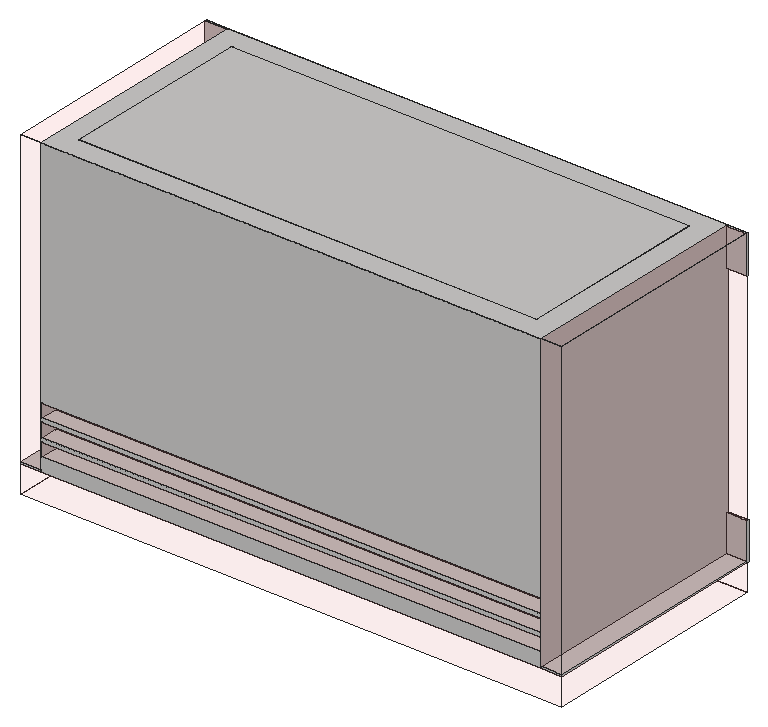
Revit family "Air-Curtain_Industrial_PoweredAire_Unheated", category Mechanical Equipment, host Face, Revit 2024
Family settings
  Host = Face
  Round Connector Dimension = Use Diameter
  Part Type = Normal
  OmniClass Number = 23.75.35.17.21
  OmniClass Title = Air Curtains
  Cut with Voids When Loaded = No
  Maintain Annotation Orientation = No
  Shared = No
  Room Calculation Point = No
Parameters
  topbrackets [instance] = and(Unit Height = 1' 4 3/4", Unit Depth = 1' 9 1/4")  # yes
  Warranty Duration (Years) = 0
  Unit Width Notes = "Other Widths available."  # constant formula
  Unit Width = 3' - 3"
  Unit Weight = 0
  Unit Height = 1' - 4 3/4"
  Unit Depth = 1' - 9 1/4"
  URL = "http://www.poweredaire.com/"
  Test Data = ""
  Standards Conformance = "as Specified"
  Specification = "http://www.arcat.com/sdspecs/htm04/23_34_33pai.htm"
  SpecWizard = ""
  Sound Pressure = "as Specified"
  Sales Information = "http://www.poweredaire.com/contact_us"
  Revision = "R1_2016-08"
  Projection from Host [instance] = 0' - 2"
  Product Properties = ""
  Product Data = "http://www.arcat.com/arcatcos/cos47/arc47623.html"
  Power Rating = 0 W
  Nozzle Width = if(1 = 1, Unit Width - 0' 3", 0' 0")  # 3' - 0"
  Mounting Width = if(1 = 1, Unit Width - 0' 1 1/2", 0' 0")  # 3' - 1 1/2"
  Mounting Height [instance] = 3' - 6"
  Motor RPM = 0
  Motor HP = 0
  Motor Count = 0
  Model = "As Specified"
  Max Height = 0' - 0"
  Manufacturer Website = "http://www.poweredaire.com/"
  Manufacturer Phone - Toll Free = "888-321-2473"
  Manufacturer Phone = "724-588-3305"
  Manufacturer Fax = "724-588-3371"
  Manufacturer Address = "109 Mortensen Rd.  Greenville, PA 16125"
  Manufacturer = "Powered Aire, Inc"
  Maintenance Schedule (Months) = 0
  Keynote = "23 34 33"
  Installation-Fabrication = ""
  Installation Phase = ""
  Include Clearance [instance] = yes
  Heating Element Load = 0 W
  HVAC_Temperature Rise = 0 °F
  HVAC_Outlet Volume = 0 CFM
  HVAC_Outlet Velocity Uniformity = 0
  HVAC_Outlet Velocity = 0 FPM
  Green Building-LEED = "http://www.arcat.com/green/clients/leed_data_47623.html"
  Front Grating Material [instance] = Metal - Steel - PoweredAire - Stainless 304 Perforated
  Frame Finish [instance] = Metal - Steel - PoweredAire - Stainless 304
  Expected Lifespan (Years) = 0
  Electrical_Wattage [instance] = Power Rating + Heating Element Load  # 0 W
  Electrical_Voltage [instance] = 0 V
  Electrical_Phase [instance] = 1
  Electrical_Frequency [instance] = 0 Hz
  Electrical_Amperage [instance] = 0 A
  Drawn By = "Sumex Design, Inc. / Robert S. Weygant, CSI, CDT, SCIP"
  Description = "Powered Aire Air Curtain as Specified"
  Default Elevation = 0' - 0"  # constant formula
  Copyright = "©Arcat Inc."
  Construction Details = "http://www.arcat.com/details/powair/prod3336.html"
  Clearance_Top [instance] = 0' - 0"
  Clearance_Side B [instance] = 0' - 0"
  Clearance_Side A [instance] = 0' - 0"
  Clearance_Intake [instance] = 0' - 0"
  Clearance_Bottom [instance] = 0' - 0"
  Clearance Material [instance] = ARCAT Clearance
  Building Codes = ""
  Available Options [instance] = "as Specified"
  Assembly Code = "D3090400"
Reference planes (in)
  plane 1 "Center (Elevation)": y = 8.51318
  plane 2: z = 0
  plane 3 "Center (Left/Right)": x = 0
  plane 4: y = 16.88818
  plane 5 "BoC": y = 0.13818
  plane 6: x = -19.5
  plane 7: x = 19.5
  plane 8: z = 23.25
  plane 9 "FF": y = -41.86182
  plane 10: z = 2
  plane 11: x = 18
  plane 12: x = -18
  plane 13: y = 16.88818
  plane 14: y = 0.13818
  plane 15: x = -19.5
  plane 16: x = 19.5
  plane 17: z = 23.25
  plane 18: y = 0.13818
  plane 19: x = 17.9375
  plane 20: x = -17.9375
Forms (in)
  Extrusion 1, solid, material "ARCAT Clearance" <- "Clearance Material", visible <- "Include Clearance"
    sketch origin (0, 0, 0) x (0, 1, 0) y (0, 0, 1)
      loop
        line (0.13818, 23.25) -> (0.13818, 0) -> (16.88818, 0) -> (16.88818, 23.25) -> (0.13818, 23.25)
    from -19.5 to 19.5
  Extrusion 2, solid, material "Metal - Steel - PoweredAire - Stainless 304" <- "Frame Finish"
    sketch origin (0, 8.51318, 0) x (1, 0, 0) y (0, 0, 1)
      loop
        line (18, 23.25) -> (-18, 23.25) -> (-18, 2) -> (18, 2) -> (18, 23.25)
    from -8.375 to 8.375
  Extrusion 3, void
    sketch origin (0, 0, 0) x (0, 1, 0) y (0, 0, 1)
      loop
        line (0.13818, 4) -> (0.13818, 3) -> (1.63818, 3) -> (1.63818, 6.5) -> (0.13818, 6.5) -> (0.13818, 5.5) -> (1.38818, 5.5) -> (1.38818, 5.25) -> (0.13818, 5.25) -> (0.13818, 4.25) -> (1.38818, 4.25) -> (1.38818, 4) -> (0.13818, 4)
    from -17.9375 to 17.9375
  Extrusion 4, solid, material "Metal - Steel - PoweredAire - Stainless 304" <- "Frame Finish"
    sketch origin (-15.17702, -180, 2) x (-1, 0, 0) y (0, -1, 0)
      loop
        line (-33.17702, -196.88818) -> (-33.17702, -180.13818) -> (-34.67702, -180.13818) -> (-34.67702, -196.88818) -> (-33.17702, -196.88818)
      loop
        line (2.82298, -196.88818) -> (4.32298, -196.88818) -> (4.32298, -180.13818) -> (2.82298, -180.13818) -> (2.82298, -196.88818)
    from 0 to 0.125
  Extrusion 5, solid, material "Metal - Steel - PoweredAire - Stainless 304" <- "Frame Finish", visible <- "topbrackets"
    sketch origin (-11.83813, 16.88818, 48) x (-1, 0, 0) y (0, 0, 1)
      loop
        line (7.66187, -46) -> (7.66187, -43.25) -> (6.16187, -43.25) -> (6.16187, -46) -> (7.66187, -46)
      loop
        line (-31.33813, -46) -> (-29.83813, -46) -> (-29.83813, -43.25) -> (-31.33813, -43.25) -> (-31.33813, -46)
      loop
        line (7.66187, -27.5) -> (7.66187, -24.75) -> (6.16187, -24.75) -> (6.16187, -27.5) -> (7.66187, -27.5)
      loop
        line (-31.33813, -27.5) -> (-29.83813, -27.5) -> (-29.83813, -24.75) -> (-31.33813, -24.75) -> (-31.33813, -27.5)
    from 0 to -0.125
  Extrusion 6, solid, material "Metal - Steel - PoweredAire - Stainless 304 Perforated" <- "Front Grating Material"
    sketch origin (18, 8.51318, 23.25) x (-1, 0, 0) y (0, -1, 0)
      loop
        line (1.5, -6.875) -> (34.5, -6.875) -> (34.5, 6.875) -> (1.5, 6.875) -> (1.5, -6.875)
    from 0 to 0.03125
Cuts and joins
  Extrusion 3 cuts Extrusion 2
Dimensions and locks (in)
  equal spacing: plane 4, plane 1 "Center (Elevation)", plane 5 "BoC"
  "Unit Height": plane 4 to plane 5 "BoC"
  equal spacing: plane 6, plane 3 "Center (Left/Right)", plane 7
  "Unit Width": plane 6 to plane 7
  "Mounting Height": plane 5 "BoC" to plane 9 "FF"
  "Projection from Host": plane 10 to level
  "Unit Depth": plane 8 to plane 10
  locked: plane 6 to plane 12 at 1.5
  locked: plane 11 to plane 7 at 1.5
  "Clearance_Side A": plane 7 to plane 16
  "Clearance_Side B": plane 15 to plane 6
  "Clearance_Top": plane 13 to plane 4
  "Clearance_Bottom": plane 5 "BoC" to plane 14
  "Clearance_Intake": plane 17 to plane 8
  locked: plane 7 to Extrusion 2 sketch curve at 1.5
  locked: Extrusion 2 sketch curve to plane 6 at 1.5
  locked: plane 18 to plane 5 "BoC" at 0
  Extrusion 5 sketch curve to Extrusion 5 sketch curve to plane 10 = 0' - 2 3/4" locked, 0' - 0" locked  (x2)
  locked: plane 12 to Extrusion 6 sketch curve at 1.5
  locked: Extrusion 6 sketch curve to plane 11 at 1.5
  locked: Extrusion 6 sketch curve to plane 5 "BoC" at 1.5
  locked: plane 20 to plane 12 at 0.0625
  locked: plane 11 to plane 19 at 0.0625
  Extrusion 3 sketch curve to Extrusion 3 sketch curve to Extrusion 3 sketch curve to Extrusion 3 sketch curve to Extrusion 3 sketch curve to Extrusion 3 sketch curve to plane 10 = 0' - 1" locked, 0' - 0 1/4" locked, 0' - 1" locked, 0' - 0 1/4" locked, 0' - 1" locked, 0' - 1" locked
  locked: plane 4 to Extrusion 6 sketch curve at 1.5
  locked: Extrusion 5 sketch curve to Extrusion 5 sketch curve at 2.75  (x2)
  aligned and locked: plane 2 to host face
  aligned and locked: level to host face
  aligned and locked: Extrusion 1 sketch curve to plane 17
  aligned and locked: plane 14 to Extrusion 1 sketch curve
  aligned and locked: level to Extrusion 1 sketch curve
  aligned and locked: Extrusion 1 sketch curve to plane 13
  aligned and locked: plane 16 to Extrusion 1
  aligned and locked: Extrusion 1 to plane 15
  aligned and locked: Extrusion 2 to plane 4
  aligned and locked: Extrusion 2 to plane 18
  aligned and locked: Extrusion 4 sketch curve to plane 4  (x2)
  aligned and locked: Extrusion 2 sketch curve to plane 10
  aligned and locked: Extrusion 3 to plane 20
  aligned and locked: plane 19 to Extrusion 3
  aligned and locked: Extrusion 2 sketch curve to plane 8
  aligned and locked: Extrusion 5 sketch curve to plane 8  (x2)
  aligned and locked: plane 18 to Extrusion 4 sketch curve  (x2)
Automatic sketch dimensions
  host sketch curve to host sketch curve = 8' - 0"  (x2)
  Extrusion 4 sketch curve to plane 7 = 0' - 0"
  Extrusion 4 sketch curve to plane 11 = 0' - 0"
  Extrusion 4 sketch curve to plane 12 = 0' - 0"
  Extrusion 4 sketch curve to plane 6 = 0' - 0"
  Extrusion 3 sketch curve to plane 5 "BoC" = 0' - 0"  (x3)
  plane 18 to Extrusion 3 sketch curve = 0' - 1 1/4"
  Extrusion 3 sketch curve to Extrusion 3 sketch curve = 0' - 0"
  Extrusion 3 sketch curve to Extrusion 3 sketch curve = 0' - 0 1/4"
  Extrusion 5 sketch curve to plane 7 = 0' - 0"  (x2)
  Extrusion 5 sketch curve to plane 11 = 0' - 0"  (x2)
  Extrusion 5 sketch curve to plane 12 = 0' - 0"  (x2)
  Extrusion 5 sketch curve to plane 6 = 0' - 0"  (x2)
Connectors (in)
  electrical at (-18, 8.51318, 12.625), driven by "Electrical_Voltage", driven by "Electrical_Phase"
    settings: on cut or joined group of Extrusion 2, Extrusion 3, index 1, voltage 0 V, apparent load 0 VA, apparent load phase1 0 VA, apparent load phase2 0 VA, apparent load phase3 0 VA, power factor 1, load classification "Other", number of poles 1, system type 31, power factor state 1, is connector primary yes, connector utility no, sub classification motor no, connector description ""
